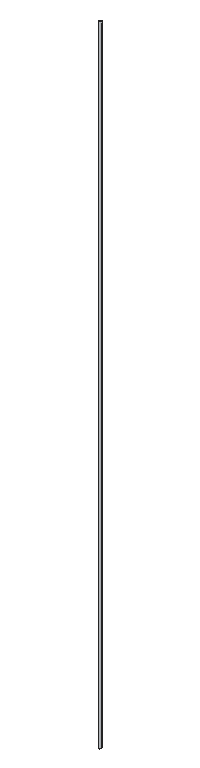
Revit family "Hanger", category Generic Models, Revit 2017
Family settings
  Can host rebar = No
  Round Connector Dimension = Use Diameter
  Part Type = Normal
  Work Plane-Based = No
  Always vertical = Yes
  Cut with Voids When Loaded = No
  Shared = No
  Room Calculation Point = No
Parameters
  Hanger Width [instance] = 0' - 0"
  Anchor Elevation [instance] = 10' - 0"
Reference planes (in)
  plane 1 "Center (Front/Back)": y = 0
  plane 2: z = 0
  plane 3 "Center (Left/Right)": x = 0
  plane 4: z = 120
Forms (in)
  Extrusion 1, solid
    sketch origin (0, 0, 0) x (1, 0, 0) y (0, 1, 0)
      loop
        circle (0, 0) r 0.25
    from 0 to 120
Dimensions and locks (in)
  "Anchor Elevation": level to plane 4
  aligned and locked: plane 2 to level
  aligned and locked: Extrusion 1 to plane 4
  aligned and locked: Extrusion 1 to level
Automatic sketch dimensions
  plane 1 "Center (Front/Back)" to Extrusion 1 sketch curve = 0' - 0"
  Extrusion 1 sketch curve to plane 3 "Center (Left/Right)" = 0' - 0"
  radius of Extrusion 1 sketch curve = 0' - 0 1/4"
